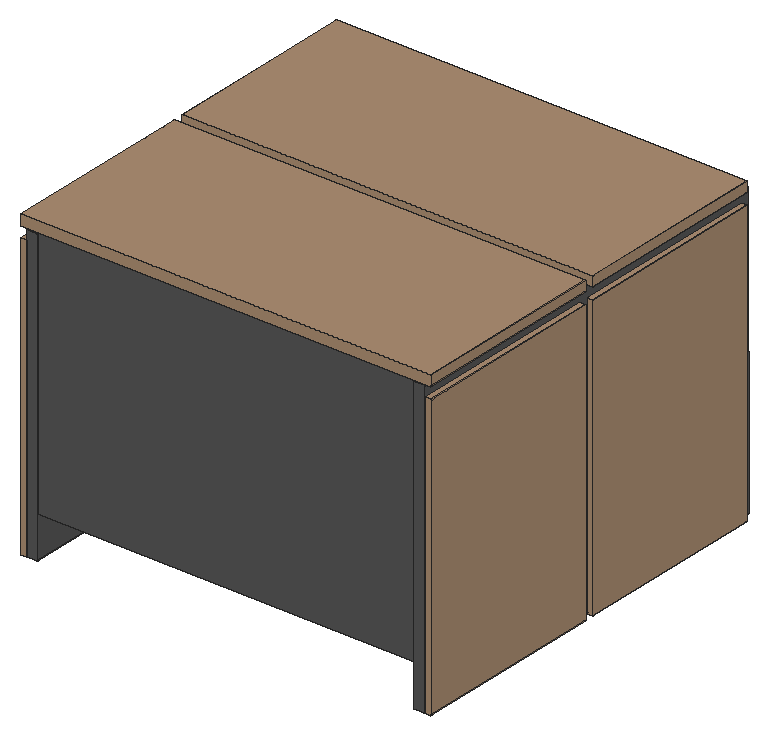
Revit family "Sanitary_Compound-Units_hansgrohe_54256XXX-Xilesa-E-Vanity-unit_630-470_2-drawer_wash-basin", category Furniture, host Face, Revit 2022
Family settings
  Host = Face
  OmniClass Number = 23.21.19.15.33.13
  OmniClass Title = Residential Bathroom Specialty Casework
  Cut with Voids When Loaded = No
  Render Appearance Source = Family Geometry
  Shared = No
  Room Calculation Point = No
Parameters (values of type "550 Cashmere Oak")
  Version = 1  # constant formula
  URL = "https://www.hansgrohe.com/"
  Product data url = "https://www.bimobject.com/en/hansgrohe/product/54256XXX"
  Product Page URL = "https://www.hansgrohe.com/articledetail--54256550"
  Model = "54256XXX"  # constant formula
  Material 3 = Hansgrohe - Metal - Black
  Material 2 = Hansgrohe - MDF - Matt Black
  Material 1 = Hansgrohe - MDF - 550 Cashmere Oak
  Manufacturer = "Hansgrohe"  # constant formula
  Height = 0 mm
  Description = "Xilesa E Vanity unit 630/470 with 2 drawers for wash basin"  # constant formula
  Default Elevation = 0 mm
  Date Updated = ""
  Date Created = "2024/02/03"  # constant formula
Types (5, lengths in mm): name | Material 1
  (no name) | Hansgrohe - MDF - 550 Cashmere Oak
  550 Cashmere Oak | Hansgrohe - MDF - 550 Cashmere Oak
  700 Matt White | Hansgrohe - MDF - 700 Matt White
  760 Slate Matt Grey | Hansgrohe - MDF - 760 Slate Matt Grey
  780 Sand Matt Beige | Hansgrohe - MDF - 780 Sand Matt Beige
Reference planes
  plane 1 "Center (Front/Back)": y = 0
  plane 2: z = 0
  plane 3 "Center (Left/Right)": x = 0
  plane 4: x = -315
  plane 5: x = 315
  plane 6: y = -620
  plane 7: z = 468
Dimensions and locks
  aligned and locked: plane 2 to host face
  aligned and locked: level to host face
Nested families
  nested 1: "54256XXX" at (0, -620, 0) x (1, 0, 0) z (0, 1, 0), Material 1 <- "Material 1", Material 2 <- "Material 2", Material 3 <- "Material 3", type "54256XXX"
    with Material 3 Hansgrohe - Metal - Black, Material 2 Hansgrohe - MDF - Matt Black, Material 1 Hansgrohe - MDF - 550 Cashmere Oak
Definition of nested family "54256XXX"
  Parameters (values of type "54256XXX")
    Version = 1  # constant formula
    URL = "https://www.hansgrohe.com/"
    Product data url = "https://www.bimobject.com/en/hansgrohe/product/54256XXX"
    Product Page URL = "https://www.hansgrohe.com/articledetail--54256550"
    Model = "54256XXX"  # constant formula
    Material 3 [instance] = none
    Material 2 [instance] = none
    Material 1 [instance] = none
    Manufacturer = "Hansgrohe"  # constant formula
    Description = "Xilesa E Vanity unit 630/470 with 2 drawers for wash basin"  # constant formula
    Default Elevation = 1219.2 mm
    Date Updated = ""
    Date Created = "2024/12/16"  # constant formula
  Reference planes
    plane 1 "Center (Front/Back)": y = 0
    plane 2: z = 0
    plane 3 "Center (Left/Right)": x = 0
  Forms (mm)
    Extrusion 1, solid, material <- "Material 1", detail levels medium+fine
      sketch origin (0, 0, 0) x (1, 0, 0) y (0, 1, 0)
        loop
          line (-305.6, 0) -> (-314.2, 0)
          arc (-314.2, 0) -> (-314.766, -0.234) -> (-315, -0.8) r 0.8
          line (-315, -0.8) -> (-315, -433.9)
          arc (-315, -433.9) -> (-314.766, -434.466) -> (-314.2, -434.7) r 0.8
          line (-314.2, -434.7) -> (-305.6, -434.7)
          arc (-305.6, -434.7) -> (-305.034, -434.466) -> (-304.8, -433.9) r 0.8
          line (-304.8, -433.9) -> (-304.8, -0.8)
          arc (-304.8, -0.8) -> (-305.034, -0.234) -> (-305.6, 0) r 0.8
        loop
          arc (305.6, 0) -> (305.034, -0.234) -> (304.8, -0.8) r 0.8
          line (304.8, -0.8) -> (304.8, -433.9)
          arc (304.8, -433.9) -> (305.034, -434.466) -> (305.6, -434.7) r 0.8
          line (305.6, -434.7) -> (314.2, -434.7)
          arc (314.2, -434.7) -> (314.766, -434.466) -> (315, -433.9) r 0.8
          line (315, -433.9) -> (315, -0.8)
          arc (315, -0.8) -> (314.766, -0.234) -> (314.2, 0) r 0.8
          line (314.2, 0) -> (305.6, 0)
      from 0 to 295
    Extrusion 2, solid, material <- "Material 1", detail levels medium+fine
      sketch origin (0, -90, 0) x (1, 0, 0) y (0, 1, 0)
        loop
          line (-314.2, -378) -> (314.2, -378)
          arc (314.2, -378) -> (314.766, -377.766) -> (315, -377.2) r 0.8
          line (315, -377.2) -> (315, -362.5)
          arc (315, -362.5) -> (314.766, -361.934) -> (314.2, -361.7) r 0.8
          line (314.2, -361.7) -> (-314.2, -361.7)
          arc (-314.2, -361.7) -> (-314.766, -361.934) -> (-315, -362.5) r 0.8
          line (-315, -362.5) -> (-315, -377.2)
          arc (-315, -377.2) -> (-314.766, -377.766) -> (-314.2, -378) r 0.8
      from 0 to 295
    Extrusion 3, solid, material <- "Material 2", detail levels medium+fine
      sketch origin (0, 0, 0) x (1, 0, 0) y (0, 1, 0)
        loop
          line (-304.8, -0.8) -> (-304.8, -448.9)
          arc (-304.8, -448.9) -> (-304.566, -449.466) -> (-304, -449.7) r 0.8
          line (-304, -449.7) -> (-289.6, -449.7)
          arc (-289.6, -449.7) -> (-289.034, -449.466) -> (-288.8, -448.9) r 0.8
          line (-288.8, -448.9) -> (-288.8, -0.8)
          arc (-288.8, -0.8) -> (-289.034, -0.234) -> (-289.6, 0) r 0.8
          line (-289.6, 0) -> (-304, 0)
          arc (-304, 0) -> (-304.566, -0.234) -> (-304.8, -0.8) r 0.8
        loop
          arc (304.8, -0.8) -> (304.566, -0.234) -> (304, 0) r 0.8
          line (304, 0) -> (289.6, 0)
          arc (289.6, 0) -> (289.034, -0.234) -> (288.8, -0.8) r 0.8
          line (288.8, -0.8) -> (288.8, -448.9)
          arc (288.8, -448.9) -> (289.034, -449.466) -> (289.6, -449.7) r 0.8
          line (289.6, -449.7) -> (304, -449.7)
          arc (304, -449.7) -> (304.566, -449.466) -> (304.8, -448.9) r 0.8
          line (304.8, -448.9) -> (304.8, -0.8)
      from 0 to 620
    Extrusion 4, solid, material <- "Material 2", detail levels fine
      sketch origin (0, 0, 0) x (1, 0, 0) y (0, 1, 0)
        loop
          line (-288.8, -65.2) -> (-288.8, -81.2) -> (288.8, -81.2) -> (288.8, -65.2) -> (-288.8, -65.2)
      from 17 to 125
    Extrusion 5, solid, material <- "Material 2", detail levels fine
      sketch origin (0, 0, 0) x (1, 0, 0) y (0, 1, 0)
        loop
          line (-288.8, -64.7) -> (-288.8, -451.7) -> (288.8, -451.7) -> (288.8, -64.7) -> (-288.8, -64.7)
      from 1 to 17
    Extrusion 6, solid, material <- "Material 3", detail levels fine
      sketch origin (0, -90, 0) x (1, 0, 0) y (0, 1, 0)
        loop
          line (-287.3, -356.9) -> (-287.3, -329.2) -> (-288.8, -329.2) -> (-288.8, -356.9)
          arc (-288.8, -356.9) -> (-288.126, -358.527) -> (-286.5, -359.2) r 2.3
          line (-286.5, -359.2) -> (286.5, -359.2)
          arc (286.5, -359.2) -> (288.126, -358.527) -> (288.8, -356.9) r 2.3
          line (288.8, -356.9) -> (288.8, -329.2) -> (287.3, -329.2) -> (287.3, -356.9)
          arc (287.3, -356.9) -> (287.066, -357.466) -> (286.5, -357.7) r 0.8
          line (286.5, -357.7) -> (-286.5, -357.7)
          arc (-286.5, -357.7) -> (-287.066, -357.466) -> (-287.3, -356.9) r 0.8
      from 569.5 to 619.5
    Extrusion 7, solid, material <- "Material 3", detail levels fine
      sketch origin (75, 0, 1) x (1, 0, 0) y (0, 0, 1)
        loop
          line (198.3, 213.03) -> (198.3, 231.03) -> (183.3, 231.03) -> (183.3, 224.03) -> (192.95, 224.03) -> (192.95, 213.03) -> (198.3, 213.03)
      from 88.7 to 361.7
    Extrusion 8, solid, material <- "Material 3", detail levels fine
      sketch origin (75, 0, 1) x (1, 0, 0) y (0, 0, 1)
        loop
          line (200.05, 211.28) -> (200.05, 232.78) -> (181.55, 232.78) -> (181.55, 211.28) -> (200.05, 211.28)
      from 451.7 to 361.7
    Extrusion 9, solid, material <- "Material 3", detail levels fine
      sketch origin (0, 0, 1) x (1, 0, 0) y (0, 0, 1)
        loop
          line (-267.5, 223.8) -> (-267.5, 113.608) -> (-273.2, 97.947) -> (-273.2, 48) -> (-244.9, 48) -> (-244.9, 223.8) -> (-267.5, 223.8)
        loop
          line (267.5, 223.8) -> (244.9, 223.8) -> (244.9, 48) -> (273.2, 48) -> (273.2, 97.947) -> (267.5, 113.608) -> (267.5, 223.8)
      from 91.9 to 109.4
    Extrusion 10, void
      sketch origin (0, 0, 1) x (1, 0, 0) y (0, 0, 1)
        loop
          line (-266.5, 222.8) -> (-266.5, 113.431) -> (-272.2, 97.771) -> (-272.2, 49) -> (-245.9, 49) -> (-245.9, 222.8) -> (-266.5, 222.8)
        loop
          line (266.5, 222.8) -> (245.9, 222.8) -> (245.9, 49) -> (272.2, 49) -> (272.2, 97.771) -> (266.5, 113.431) -> (266.5, 222.8)
      from 91.9 to 108.7
    Extrusion 11, solid, material <- "Material 2", detail levels fine
      sketch origin (0, 0, 0) x (0, 1, 0) y (0, 0, 1)
        loop
          line (-92.7, 35.48) -> (-92.7, 114.5)
          arc (-92.7, 114.5) -> (-92.847, 114.854) -> (-93.2, 115) r 0.5
          line (-93.2, 115) -> (-108.2, 115)
          arc (-108.2, 115) -> (-108.554, 114.854) -> (-108.7, 114.5) r 0.5
          line (-108.7, 114.5) -> (-108.7, 35.48)
          arc (-108.7, 35.48) -> (-108.554, 35.126) -> (-108.2, 34.98) r 0.5
          line (-108.2, 34.98) -> (-93.2, 34.98)
          arc (-93.2, 34.98) -> (-92.847, 35.126) -> (-92.7, 35.48) r 0.5
      from -245 to 245
    Extrusion 12, solid, material <- "Material 3", detail levels fine
      sketch origin (-75, 0, 1) x (-1, 0, 0) y (0, 0, -1)
        loop
          line (198.3, -213.03) -> (192.95, -213.03) -> (192.95, -224.03) -> (183.3, -224.03) -> (183.3, -231.03) -> (198.3, -231.03) -> (198.3, -213.03)
      from 88.7 to 361.7
    Extrusion 13, solid, material <- "Material 3", detail levels fine
      sketch origin (-75, 0, 1) x (-1, 0, 0) y (0, 0, -1)
        loop
          line (200.05, -211.28) -> (181.55, -211.28) -> (181.55, -232.78) -> (200.05, -232.78) -> (200.05, -211.28)
      from 451.7 to 361.7
    Extrusion 14, solid, material <- "Material 1", detail levels coarse
      sketch origin (0, 0, 0) x (1, 0, 0) y (0, 1, 0)
        loop
          line (-315, -468) -> (315, -468) -> (315, 0) -> (288.8, 0) -> (288.8, -451.7) -> (-288.8, -451.7) -> (-288.8, 0) -> (-315, 0) -> (-315, -468)
      from 0 to 620
    Extrusion 15, solid, material <- "Material 1", detail levels medium+fine
      sketch origin (0, 0, 0) x (1, 0, 0) y (0, 1, 0)
        loop
          line (-305.6, 0) -> (-314.2, 0)
          arc (-314.2, 0) -> (-314.766, -0.234) -> (-315, -0.8) r 0.8
          line (-315, -0.8) -> (-315, -433.9)
          arc (-315, -433.9) -> (-314.766, -434.466) -> (-314.2, -434.7) r 0.8
          line (-314.2, -434.7) -> (-305.6, -434.7)
          arc (-305.6, -434.7) -> (-305.034, -434.466) -> (-304.8, -433.9) r 0.8
          line (-304.8, -433.9) -> (-304.8, -0.8)
          arc (-304.8, -0.8) -> (-305.034, -0.234) -> (-305.6, 0) r 0.8
        loop
          arc (305.6, 0) -> (305.034, -0.234) -> (304.8, -0.8) r 0.8
          line (304.8, -0.8) -> (304.8, -433.9)
          arc (304.8, -433.9) -> (305.034, -434.466) -> (305.6, -434.7) r 0.8
          line (305.6, -434.7) -> (314.2, -434.7)
          arc (314.2, -434.7) -> (314.766, -434.466) -> (315, -433.9) r 0.8
          line (315, -433.9) -> (315, -0.8)
          arc (315, -0.8) -> (314.766, -0.234) -> (314.2, 0) r 0.8
          line (314.2, 0) -> (305.6, 0)
      from 310 to 605
    Extrusion 16, solid, material <- "Material 1", detail levels medium+fine
      sketch origin (0, -90, 0) x (1, 0, 0) y (0, 1, 0)
        loop
          line (-314.2, -378) -> (314.2, -378)
          arc (314.2, -378) -> (314.766, -377.766) -> (315, -377.2) r 0.8
          line (315, -377.2) -> (315, -362.5)
          arc (315, -362.5) -> (314.766, -361.934) -> (314.2, -361.7) r 0.8
          line (314.2, -361.7) -> (-314.2, -361.7)
          arc (-314.2, -361.7) -> (-314.766, -361.934) -> (-315, -362.5) r 0.8
          line (-315, -362.5) -> (-315, -377.2)
          arc (-315, -377.2) -> (-314.766, -377.766) -> (-314.2, -378) r 0.8
      from 310 to 605
    Extrusion 17, solid, material <- "Material 2", detail levels fine
      sketch origin (0, 0, 311) x (1, 0, 0) y (0, 0, 1)
        loop
          line (-247.898, 33.98) -> (247.898, 33.98) -> (247.898, 48.98) -> (-247.898, 48.98) -> (-247.898, 33.98)
      from 109.4 to 451.7
    Extrusion 18, solid, material <- "Material 3", detail levels fine
      sketch origin (75, 0, 311) x (1, 0, 0) y (0, 0, 1)
        loop
          line (198.3, 213.03) -> (198.3, 231.03) -> (183.3, 231.03) -> (183.3, 224.03) -> (192.95, 224.03) -> (192.95, 213.03) -> (198.3, 213.03)
      from 88.7 to 361.7
    Extrusion 19, solid, material <- "Material 3", detail levels fine
      sketch origin (75, 0, 311) x (1, 0, 0) y (0, 0, 1)
        loop
          line (200.05, 211.28) -> (200.05, 232.78) -> (181.55, 232.78) -> (181.55, 211.28) -> (200.05, 211.28)
      from 451.7 to 361.7
    Extrusion 20, solid, material <- "Material 3", detail levels fine
      sketch origin (0, 0, 311) x (1, 0, 0) y (0, 0, 1)
        loop
          line (-267.5, 223.8) -> (-267.5, 113.608) -> (-273.2, 97.947) -> (-273.2, 48) -> (-244.9, 48) -> (-244.9, 223.8) -> (-267.5, 223.8)
        loop
          line (267.5, 223.8) -> (244.9, 223.8) -> (244.9, 48) -> (273.2, 48) -> (273.2, 97.947) -> (267.5, 113.608) -> (267.5, 223.8)
      from 91.9 to 109.4
    Extrusion 21, void
      sketch origin (0, 0, 311) x (1, 0, 0) y (0, 0, 1)
        loop
          line (-266.5, 222.8) -> (-266.5, 113.431) -> (-272.2, 97.771) -> (-272.2, 49) -> (-245.9, 49) -> (-245.9, 222.8) -> (-266.5, 222.8)
        loop
          line (266.5, 222.8) -> (245.9, 222.8) -> (245.9, 49) -> (272.2, 49) -> (272.2, 97.771) -> (266.5, 113.431) -> (266.5, 222.8)
      from 91.9 to 108.7
    Extrusion 22, solid, material <- "Material 3", detail levels fine
      sketch origin (-75, 0, 311) x (-1, 0, 0) y (0, 0, -1)
        loop
          line (198.3, -213.03) -> (192.95, -213.03) -> (192.95, -224.03) -> (183.3, -224.03) -> (183.3, -231.03) -> (198.3, -231.03) -> (198.3, -213.03)
      from 88.7 to 361.7
    Extrusion 23, solid, material <- "Material 3", detail levels fine
      sketch origin (-75, 0, 311) x (-1, 0, 0) y (0, 0, -1)
        loop
          line (200.05, -211.28) -> (181.55, -211.28) -> (181.55, -232.78) -> (200.05, -232.78) -> (200.05, -211.28)
      from 451.7 to 361.7
    Extrusion 24, solid, material <- "Material 2", detail levels fine
      sketch origin (0, -90, 0) x (1, 0, 0) y (0, 1, 0)
        loop
          line (-287.3, -356.9) -> (-287.3, -329.2) -> (-288.8, -329.2) -> (-288.8, -356.9)
          arc (-288.8, -356.9) -> (-288.126, -358.527) -> (-286.5, -359.2) r 2.3
          line (-286.5, -359.2) -> (286.5, -359.2)
          arc (286.5, -359.2) -> (288.126, -358.527) -> (288.8, -356.9) r 2.3
          line (288.8, -356.9) -> (288.8, -329.2) -> (287.3, -329.2) -> (287.3, -356.9)
          arc (287.3, -356.9) -> (287.066, -357.466) -> (286.5, -357.7) r 0.8
          line (286.5, -357.7) -> (-286.5, -357.7)
          arc (-286.5, -357.7) -> (-287.066, -357.466) -> (-287.3, -356.9) r 0.8
      from 277 to 327
    Extrusion 25, solid, material <- "Material 2", detail levels fine
      sketch origin (0, 0, 1) x (1, 0, 0) y (0, 0, 1)
        loop
          line (-247.898, 33.98) -> (247.898, 33.98) -> (247.898, 48.98) -> (-247.898, 48.98) -> (-247.898, 33.98)
      from 109.4 to 451.7
    Extrusion 26, solid, material <- "Material 2", detail levels fine
      sketch origin (0, 0, 310) x (0, 1, 0) y (0, 0, 1)
        loop
          line (-92.7, 35.48) -> (-92.7, 114.5)
          arc (-92.7, 114.5) -> (-92.847, 114.854) -> (-93.2, 115) r 0.5
          line (-93.2, 115) -> (-108.2, 115)
          arc (-108.2, 115) -> (-108.554, 114.854) -> (-108.7, 114.5) r 0.5
          line (-108.7, 114.5) -> (-108.7, 35.48)
          arc (-108.7, 35.48) -> (-108.554, 35.127) -> (-108.2, 34.98) r 0.5
          line (-108.2, 34.98) -> (-93.2, 34.98)
          arc (-93.2, 34.98) -> (-92.847, 35.127) -> (-92.7, 35.48) r 0.5
      from -245 to 245
    Extrusion 27, solid, material <- "Material 3", detail levels fine
      sketch origin (0, 0, 311) x (1, 0, 0) y (0, 0, 1)
        loop
          line (277.091, 33.98) -> (277.091, 115.48) -> (258.591, 115.48) -> (257.786, 100.114) -> (255.22, 99.98) -> (252.791, 53.623)
          arc (252.791, 53.623) -> (251.271, 50.325) -> (247.898, 48.98) r 4.9
          line (247.898, 48.98) -> (247.898, 33.98) -> (277.091, 33.98)
        loop
          line (-277.091, 33.98) -> (-247.898, 33.98) -> (-247.898, 48.98)
          arc (-247.898, 48.98) -> (-251.271, 50.325) -> (-252.791, 53.623) r 4.9
          line (-252.791, 53.623) -> (-255.22, 99.98) -> (-257.786, 100.114) -> (-258.591, 115.48) -> (-277.091, 115.48) -> (-277.091, 33.98)
      from 109.4 to 451.7
    Extrusion 28, solid, material <- "Material 3", detail levels fine
      sketch origin (0, 0, 1) x (1, 0, 0) y (0, 0, 1)
        loop
          line (277.091, 33.98) -> (277.091, 115.48) -> (258.591, 115.48) -> (257.786, 100.114) -> (255.22, 99.98) -> (252.791, 53.623)
          arc (252.791, 53.623) -> (251.271, 50.325) -> (247.898, 48.98) r 4.9
          line (247.898, 48.98) -> (247.898, 33.98) -> (277.091, 33.98)
        loop
          line (-277.091, 33.98) -> (-247.898, 33.98) -> (-247.898, 48.98)
          arc (-247.898, 48.98) -> (-251.271, 50.325) -> (-252.791, 53.623) r 4.9
          line (-252.791, 53.623) -> (-255.22, 99.98) -> (-257.786, 100.114) -> (-258.591, 115.48) -> (-277.091, 115.48) -> (-277.091, 33.98)
      from 109.4 to 451.7
  Cuts and joins
    Extrusion 10 cuts Extrusion 9
    Extrusion 21 cuts Extrusion 20
  Lines and regions (mm)
    Masking region 1
      outline origin (0, 0, 0) x (1, 0, 0) y (0, 1, 0)
        loop
          line (-315, -0.8) -> (-315, -433.9)
          arc (-315, -433.9) -> (-314.766, -434.466) -> (-314.2, -434.7) r 0.8
          line (-314.2, -434.7) -> (-305.6, -434.7)
          arc (-305.6, -434.7) -> (-305.034, -434.466) -> (-304.8, -433.9) r 0.8
          line (-304.8, -433.9) -> (-304.8, -451.7) -> (-314.2, -451.7)
          arc (-314.2, -451.7) -> (-314.766, -451.934) -> (-315, -452.5) r 0.8
          line (-315, -452.5) -> (-315, -467.2)
          arc (-315, -467.2) -> (-314.766, -467.766) -> (-314.2, -468) r 0.8
          line (-314.2, -468) -> (0, -468) -> (314.2, -468)
          arc (314.2, -468) -> (314.766, -467.766) -> (315, -467.2) r 0.8
          line (315, -467.2) -> (315, -452.5)
          arc (315, -452.5) -> (314.766, -451.934) -> (314.2, -451.7) r 0.8
          line (314.2, -451.7) -> (304.8, -451.7) -> (304.8, -433.9)
          arc (304.8, -433.9) -> (305.034, -434.466) -> (305.6, -434.7) r 0.8
          line (305.6, -434.7) -> (314.2, -434.7)
          arc (314.2, -434.7) -> (314.766, -434.466) -> (315, -433.9) r 0.8
          line (315, -433.9) -> (315, -0.8)
          arc (315, -0.8) -> (314.766, -0.234) -> (314.2, 0) r 0.8
          line (314.2, 0) -> (305.6, 0)
          arc (305.6, 0) -> (305.034, -0.234) -> (304.8, -0.8) r 0.8
          arc (304.8, -0.8) -> (304.566, -0.234) -> (304, 0) r 0.8
          line (304, 0) -> (289.6, 0)
          arc (289.6, 0) -> (289.034, -0.234) -> (288.8, -0.8) r 0.8
          line (288.8, -0.8) -> (288.8, -64.7) -> (0, -64.7) -> (-288.8, -64.7) -> (-288.8, -0.8)
          arc (-288.8, -0.8) -> (-289.034, -0.234) -> (-289.6, 0) r 0.8
          line (-289.6, 0) -> (-304, 0)
          arc (-304, 0) -> (-304.566, -0.234) -> (-304.8, -0.8) r 0.8
          arc (-304.8, -0.8) -> (-305.034, -0.234) -> (-305.6, 0) r 0.8
          line (-305.6, 0) -> (-314.2, 0)
          arc (-314.2, 0) -> (-314.766, -0.234) -> (-315, -0.8) r 0.8
    Masking region 2
      outline origin (0, 0, 0) x (0, 1, 0) y (0, 0, 1)
        loop
          line (-449.7, 620) -> (-449.7, 543.78) -> (-451.7, 543.78) -> (-451.7, 605) -> (-468, 605) -> (-468, 310) -> (-451.7, 310) -> (-451.7, 344.98) -> (-449.7, 344.98) -> (-449.7, 233.78) -> (-451.7, 233.78) -> (-451.7, 295) -> (-468, 295) -> (-468, 0) -> (-451.7, 0) -> (-451.7, 34.98) -> (-449.7, 34.98) -> (-449.7, 0) -> (0, 0) -> (0, 620) -> (-449.7, 620)
    Masking region 3
      outline origin (0, 0, 0) x (1, 0, 0) y (0, 0, 1)
        loop
          line (-315, 605) -> (-315, 310) -> (-304.8, 310) -> (-304.8, 295) -> (-315, 295) -> (-315, 0) -> (0, 0) -> (315, 0) -> (315, 295) -> (304.8, 295) -> (304.8, 310) -> (315, 310) -> (315, 605) -> (304.8, 605) -> (304.8, 620) -> (0, 620) -> (-304.8, 620) -> (-304.8, 605) -> (-315, 605)
    symbolic lines, detail levels medium+fine
      curve 1: line (-304.8, -451.7, 0) -> (0, -451.7, 0)
      curve 2: line (-288.8, -64.7, 0) -> (-288.8, -451.7, 0)
      curve 3: line (-304.8, -0.8, 0) -> (-304.8, -433.9, 0)
      curve 4: line (-288.8, -81.2, 0) -> (0, -81.2, 0)
      curve 25: line (304.8, -451.7, 0) -> (0, -451.7, 0)
      curve 26: line (288.8, -64.7, 0) -> (288.8, -451.7, 0)
      curve 27: line (304.8, -0.8, 0) -> (304.8, -433.9, 0)
      curve 28: line (288.8, -81.2, 0) -> (0, -81.2, 0)
      curve 49: line (0, -451.7, 33.98) -> (0, -451.7, 233.78)
      curve 50: line (0, -449.7, 543.78) -> (0, -449.7, 344.98)
      curve 53: line (0, -451.7, 212.28) -> (0, -449.7, 212.28)
      curve 54: line (0, -451.7, 116.48) -> (0, -449.7, 116.48)
      curve 55: line (-304.8, 0, 605) -> (304.8, 0, 605)
      curve 56: line (-288.8, 0, 620) -> (-288.8, 0, 605)
      curve 57: line (288.8, 0, 620) -> (288.8, 0, 605)
      curve 62: line (0, -451.7, 344.98) -> (0, -451.7, 543.78)
      curve 63: line (0, -449.7, 233.78) -> (0, -449.7, 33.98)
      curve 65: line (-304.8, 0, 310) -> (304.8, 0, 310)
      curve 66: line (304.8, 0, 295) -> (-304.8, 0, 295)
    symbolic lines, detail levels fine
      curve 5: line (-277.091, -81.2, 0) -> (-277.091, -447.7, 0)
      curve 6: line (-255.22, -81.2, 0) -> (-255.22, -91.9, 0)
      curve 7: line (0, -91.9, 0) -> (-258.3, -91.9, 0)
      curve 8: line (-258.3, -109.4, 0) -> (0, -109.4, 0)
      curve 9: line (-273.3, -88.7, 0) -> (-273.3, -361.7, 0)
      curve 10: line (-258.3, -88.7, 0) -> (-273.3, -88.7, 0)
      curve 11: line (-275.05, -361.7, 0) -> (-275.05, -447.7, 0)
      curve 12: line (-275.05, -361.7, 0) -> (-256.55, -361.7, 0)
      curve 13: line (-256.55, -361.7, 0) -> (-256.55, -447.7, 0)
      curve 14: line (0, -447.7, 0) -> (-286.5, -447.7, 0)
      curve 15: arc (-286.5, -447.7, 0) -> (-287.066, -447.466, 0) -> (-287.3, -446.9, 0) r 0.8
      curve 16: line (-287.3, -446.9, 0) -> (-287.3, -419.2, 0)
      curve 17: line (-287.3, -419.2, 0) -> (-288.8, -419.2, 0)
      curve 18: arc (-288.8, -446.9, 0) -> (-288.126, -448.527, 0) -> (-286.5, -449.2, 0) r 2.3
      curve 19: line (-286.5, -449.2, 0) -> (0, -449.2, 0)
      curve 20: line (-277.091, -449.2, 0) -> (-277.091, -451.7, 0)
      curve 21: line (-275.05, -449.2, 0) -> (-275.05, -451.7, 0)
      curve 22: line (-258.3, -361.7, 0) -> (-258.3, -88.7, 0)
      curve 23: line (-256.55, -449.2, 0) -> (-256.55, -451.7, 0)
      curve 24: line (-255.22, -449.2, 0) -> (-255.22, -451.7, 0)
      curve 29: line (277.091, -81.2, 0) -> (277.091, -447.7, 0)
      curve 30: line (255.22, -81.2, 0) -> (255.22, -91.9, 0)
      curve 31: line (0, -91.9, 0) -> (258.3, -91.9, 0)
      curve 32: line (258.3, -109.4, 0) -> (0, -109.4, 0)
      curve 33: line (273.3, -88.7, 0) -> (273.3, -361.7, 0)
      curve 34: line (258.3, -88.7, 0) -> (273.3, -88.7, 0)
      curve 35: line (275.05, -361.7, 0) -> (275.05, -447.7, 0)
      curve 36: line (275.05, -361.7, 0) -> (256.55, -361.7, 0)
      curve 37: line (256.55, -361.7, 0) -> (256.55, -447.7, 0)
      curve 38: line (0, -447.7, 0) -> (286.5, -447.7, 0)
      curve 39: arc (286.5, -447.7, 0) -> (287.066, -447.466, 0) -> (287.3, -446.9, 0) r 0.8
      curve 40: line (287.3, -446.9, 0) -> (287.3, -419.2, 0)
      curve 41: line (287.3, -419.2, 0) -> (288.8, -419.2, 0)
      curve 42: arc (288.8, -446.9, 0) -> (288.126, -448.527, 0) -> (286.5, -449.2, 0) r 2.3
      curve 43: line (286.5, -449.2, 0) -> (0, -449.2, 0)
      curve 44: line (277.091, -449.2, 0) -> (277.091, -451.7, 0)
      curve 45: line (275.05, -449.2, 0) -> (275.05, -451.7, 0)
      curve 46: line (258.3, -361.7, 0) -> (258.3, -88.7, 0)
      curve 47: line (256.55, -449.2, 0) -> (256.55, -451.7, 0)
      curve 48: line (255.22, -449.2, 0) -> (255.22, -451.7, 0)
      curve 51: line (0, 0, 605) -> (0, -434.7, 605)
      curve 52: line (0, -434.7, 605) -> (0, -434.7, 310)
      curve 58: line (0, -434.7, 310) -> (0, 0, 310)
      curve 59: line (0, 0, 295) -> (0, -434.7, 295)
      curve 60: line (0, -434.7, 295) -> (0, -434.7, 0)
      curve 61: line (0, -451.7, 522.28) -> (0, -449.7, 522.28)
      curve 64: line (0, -449.7, 426.5) -> (0, -451.7, 426.5)
      curve 67: line (255.22, -109.4, 0) -> (255.22, -447.7, 0)
      curve 68: line (-255.22, -109.4, 0) -> (-255.22, -447.7, 0)
  Dimensions and locks
    aligned and locked: level to plane 2
    aligned and locked: Extrusion 18 to Extrusion 19
